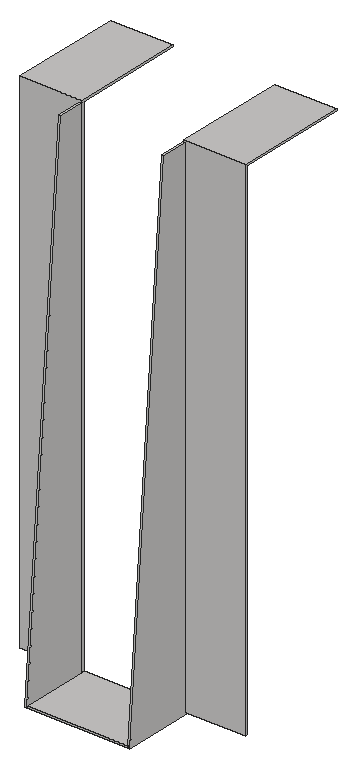
Revit family "050523 - Metal fastenings - Joist Hanger - Generic", category Generic Models, Revit 2020
Family settings
  Can host rebar = No
  Round Connector Dimension = Use Diameter
  Part Type = Normal
  Work Plane-Based = Yes
  Always vertical = Yes
  Cut with Voids When Loaded = No
  Shared = No
  Room Calculation Point = No
Parameters (values of type "DHU3.56/18TF")
  W = 0' - 3 9/16"
  Top of Side Flange = 0' - 1"
  Top Hanger Flange - Visibility = yes
  Top Hanger Flange - Mid - Visibility = no
  Outside Flange - Visibility = yes
  Material = SIMPSON HUC46 JOIST HANGER WITH CONCEALED FLANGES - PAINTED DARK GRAY
  Inside Flange - Visibility = no
  Top Hanger Depth = 0' - 3 15/16"
  Height of Face Plate = 1' - 5 15/16"
  H = 1' - 5 15/16"
  Flange - Outside - Width = 0' - 2 3/16"
  Flange - Inside - Width = 0' - 1"
  Face Plate - Mid - Visibility = no
  Default Elevation = 4' - 0"
  B = 0' - 2 1/2"
Types (5): name | W | Top of Side Flange | Top Hanger Flange - Visibility | Top Hanger Flange - Mid - Visibility | Outside Flange - Visibility | Material | Inside Flange - Visibility | Top Hanger Depth | Height of Face Plate | H | Flange - Outside - Width | Flange - Inside - Width | Face Plate - Mid - Visibility | B
  HUC46 | 0' - 5 9/16" | 0' - 2 1/2" | yes | yes | yes | SIMPSON HUCQ1.81/11-SDS W/ CONCEALED FLANGES - PAINTED DARK GRAY | no | 0' - 2 7/8" | 0' - 6 3/4" | 1' - 2" | 0' - 3 7/32" | 0' - 1 1/4" | yes | 0' - 6"
  DHU3.56/18TF | 0' - 3 9/16" | 0' - 1" | yes | no | yes | SIMPSON HUC46 JOIST HANGER WITH CONCEALED FLANGES - PAINTED DARK GRAY | no | 0' - 3 15/16" | 1' - 5 15/16" | 1' - 5 15/16" | 0' - 2 3/16" | 0' - 1" | no | 0' - 2 1/2"
  HUCQ1.81/11-SDS | 0' - 1 13/16" | 0' - 1" | no | no | no | SIMPSON HUCQ1.81/11-SDS W/ CONCEALED FLANGES - PAINTED DARK GRAY | yes | 0' - 7" | 0' - 11" | 0' - 11" | 0' - 1 3/4" | 0' - 1 1/4" | no | 0' - 3"
  HUCQ1.81/9-SDS | 0' - 1 13/16" | 0' - 1" | no | no | no | SIMPSON HUC46 JOIST HANGER WITH CONCEALED FLANGES - PAINTED DARK GRAY | yes | 0' - 7" | 0' - 9" | 0' - 9" | 0' - 1 3/4" | 0' - 1 1/4" | no | 0' - 3"
  HGTLV5.514 | 0' - 5 9/16" | 0' - 6" | yes | yes | yes | SIMPSON HUCQ1.81/11-SDS W/ CONCEALED FLANGES - PAINTED DARK GRAY | no | 0' - 2 7/8" | 0' - 6 3/4" | 1' - 2" | 0' - 3 7/32" | 0' - 1 1/4" | yes | 0' - 6"
Reference planes (in)
  plane 1 "Center (Front/Back)": y = 0
  plane 2: z = 0
  plane 3 "Center (Left/Right)": x = 0
  plane 4 "TOP BEARING": z = 17.9375
  plane 5: x = -1.78125
  plane 6: x = 1.78125
  plane 7: y = -2.5
  plane 8: x = -0.78125
  plane 9: x = 0.78125
  plane 10: y = 3.9375
  plane 11: x = 3.96875
  plane 12: x = -3.96875
  plane 13: y = -1
  plane 14: z = 0
Forms (in)
  Extrusion 1, solid, material "SIMPSON HUC46 JOIST HANGER WITH CONCEALED FLANGES - PAINTED DARK GRAY" <- "Material"
    sketch origin (1.78125, 6.55164, 48) x (0, 1, 0) y (0, 0, 1)
      loop
        line (-6.55164, -30.0625) -> (-7.55164, -30.0625) -> (-9.05164, -48.0625) -> (-6.55164, -48.0625) -> (-6.55164, -30.0625)
    from 0.0625 to 0
  Extrusion 2, solid, material "SIMPSON HUC46 JOIST HANGER WITH CONCEALED FLANGES - PAINTED DARK GRAY" <- "Material"
    sketch origin (-1.78125, 0, 0) x (0, 1, 0) y (-1, 0, 0)
      loop
        line (-2.5, 0) -> (-2.5, -3.5625) -> (0, -3.5625) -> (0, 0) -> (-2.5, 0)
    from 0 to -0.0625
  Extrusion 3, solid, material "SIMPSON HUC46 JOIST HANGER WITH CONCEALED FLANGES - PAINTED DARK GRAY" <- "Material", visible <- "Inside Flange - Visibility"
    sketch origin (0, 0, 0) x (1, 0, 0) y (0, 0, 1)
      loop
        line (-1.78125, 17.9375) -> (-1.78125, 0) -> (-0.78125, 0) -> (-0.78125, 17.9375) -> (-1.78125, 17.9375)
    from 0.0625 to 0
  Extrusion 4, solid, material "SIMPSON HUC46 JOIST HANGER WITH CONCEALED FLANGES - PAINTED DARK GRAY" <- "Material", visible <- "Inside Flange - Visibility"
    sketch origin (0, 0, 0) x (1, 0, 0) y (0, 0, 1)
      loop
        line (1.78125, 17.9375) -> (0.78125, 17.9375) -> (0.78125, 0) -> (1.78125, 0) -> (1.78125, 17.9375)
    from 0.0625 to 0
  Extrusion 5, solid, material "SIMPSON HUC46 JOIST HANGER WITH CONCEALED FLANGES - PAINTED DARK GRAY" <- "Material"
    sketch origin (-1.78125, 6.91604, 48) x (0, 1, 0) y (0, 0, 1)
      loop
        line (-6.91604, -30.0625) -> (-7.91604, -30.0625) -> (-9.41604, -48.0625) -> (-6.91604, -48.0625) -> (-6.91604, -30.0625)
    from -0.0625 to 0
  Extrusion 6, solid, material "SIMPSON HUC46 JOIST HANGER WITH CONCEALED FLANGES - PAINTED DARK GRAY" <- "Material", visible <- "Top Hanger Flange - Visibility"
    sketch origin (-5.8794, -180, 17.9375) x (-1, 0, 0) y (0, -1, 0)
      loop
        line (-4.09815, -179.9375) -> (-4.09815, -183.9375) -> (-1.91065, -183.9375) -> (-1.91065, -179.9375) -> (-4.09815, -179.9375)
    from 0 to 0.0625
  Extrusion 7, solid, material "SIMPSON HUC46 JOIST HANGER WITH CONCEALED FLANGES - PAINTED DARK GRAY" <- "Material", visible <- "Top Hanger Flange - Visibility"
    sketch origin (2, 0, 17.9375) x (-1, 0, 0) y (0, -1, 0)
      loop
        line (-1.96875, 0.0625) -> (-1.96875, -3.9375) -> (0.21875, -3.9375) -> (0.21875, 0.0625) -> (-1.96875, 0.0625)
    from 0 to 0.0625
  Extrusion 8, solid, material "SIMPSON HUC46 JOIST HANGER WITH CONCEALED FLANGES - PAINTED DARK GRAY" <- "Material", visible <- "Top Hanger Flange - Visibility"
    sketch origin (1.38969, 0, 0) x (1, 0, 0) y (0, 0, 1)
      loop
        line (2.57906, 17.9375) -> (0.39156, 17.9375) -> (0.39156, 0) -> (2.57906, 0) -> (2.57906, 17.9375)
    from 0.0625 to 0
  Extrusion 9, solid, material "SIMPSON HUC46 JOIST HANGER WITH CONCEALED FLANGES - PAINTED DARK GRAY" <- "Material", visible <- "Top Hanger Flange - Visibility"
    sketch origin (-3.53046, 0, 0) x (1, 0, 0) y (0, 0, 1)
      loop
        line (1.74921, 17.9375) -> (-0.43829, 17.9375) -> (-0.43829, 0) -> (1.74921, 0) -> (1.74921, 17.9375)
    from 0.0625 to 0
  Extrusion 10, solid, material "SIMPSON HUC46 JOIST HANGER WITH CONCEALED FLANGES - PAINTED DARK GRAY" <- "Material", visible <- "Top Hanger Flange - Mid - Visibility"
    sketch origin (-1.5, 0, 17.9375) x (-1, 0, 0) y (0, -1, 0)
      loop
        line (-3.28125, 0.0625) -> (-3.28125, -3.9375) -> (0.28125, -3.9375) -> (0.28125, 0.0625) -> (-3.28125, 0.0625)
    from 0 to 0.0625
  Extrusion 11, solid, material "SIMPSON HUC46 JOIST HANGER WITH CONCEALED FLANGES - PAINTED DARK GRAY" <- "Material", visible <- "Face Plate - Mid - Visibility"
    sketch origin (-2.04513, 0, 0) x (1, 0, 0) y (0, 0, 1)
      loop
        line (3.82638, 17.9375) -> (0.26388, 17.9375) -> (0.26388, 0) -> (3.82638, 0) -> (3.82638, 17.9375)
    from 0.0625 to 0
Cuts and joins
  joined: Extrusion 7, Extrusion 8
  joined: Extrusion 6, Extrusion 9
  joined: Extrusion 1, Extrusion 5
Dimensions and locks (in)
  "H": plane 4 "TOP BEARING" to level
  equal spacing: plane 5, plane 3 "Center (Left/Right)", plane 6
  "B": plane 7 to plane 1 "Center (Front/Back)"
  "W": plane 5 to plane 6
  "Flange - Inside - Width": plane 5 to plane 8
  "Flange - Inside - Width": plane 9 to plane 6
  "Top Hanger Depth": plane 1 "Center (Front/Back)" to plane 10
  "Flange - Outside - Width": plane 12 to plane 5
  "Flange - Outside - Width": plane 6 to plane 11
  "Top of Side Flange": plane 1 "Center (Front/Back)" to plane 13
  "Height of Face Plate": plane 4 "TOP BEARING" to plane 14
  plane 12 to plane 11 = 0' - 7 15/16"
  plane 5 to plane 6 = 0' - 3 9/16"
  aligned and locked: plane 2 to level
  aligned and locked: Extrusion 2 to plane 5
  aligned and locked: plane 6 to Extrusion 2
  aligned and locked: Extrusion 2 to plane 7
  aligned and locked: Extrusion 2 to plane 1 "Center (Front/Back)"
  aligned and locked: plane 8 to Extrusion 3
  aligned and locked: Extrusion 4 to plane 9
  aligned and locked: Extrusion 6 to plane 5
  aligned and locked: plane 10 to Extrusion 6
  aligned and locked: plane 6 to Extrusion 7
  aligned and locked: plane 11 to Extrusion 7
  aligned and locked: Extrusion 6 to plane 12
  aligned and locked: Extrusion 8 to plane 6
  aligned and locked: plane 11 to Extrusion 8
  aligned and locked: plane 5 to Extrusion 9
  aligned and locked: Extrusion 9 to plane 12
  aligned and locked: plane 6 to Extrusion 10
  aligned and locked: Extrusion 10 to plane 5
  aligned and locked: plane 14 to Extrusion 9 sketch curve
  aligned and locked: plane 14 to Extrusion 8 sketch curve
  aligned and locked: Extrusion 11 sketch curve to plane 5
  aligned and locked: Extrusion 11 sketch curve to plane 6
Automatic sketch dimensions
  Extrusion 2 sketch curve to plane 6 = 0' - 0"
  Extrusion 2 sketch curve to plane 7 = 0' - 0"
  plane 1 "Center (Front/Back)" to Extrusion 2 sketch curve = 0' - 0"
  Extrusion 2 sketch curve to plane 5 = 0' - 0"
  Extrusion 3 sketch curve to level = 0' - 0"
  Extrusion 3 sketch curve to plane 5 = 0' - 0"
  Extrusion 3 sketch curve to plane 8 = 0' - 0"
  Extrusion 3 sketch curve to plane 4 "TOP BEARING" = 0' - 0"
  Extrusion 4 sketch curve to plane 4 "TOP BEARING" = 0' - 0"
  Extrusion 4 sketch curve to plane 9 = 0' - 0"
  Extrusion 4 sketch curve to plane 6 = 0' - 0"
  Extrusion 4 sketch curve to level = 0' - 0"
  Extrusion 6 sketch curve to plane 5 = 0' - 0"
  Extrusion 6 sketch curve to plane 10 = 0' - 0"
  Extrusion 6 sketch curve to plane 12 = 0' - 0"
  plane 1 "Center (Front/Back)" to Extrusion 6 sketch curve = 0' - 0 1/16"
  Extrusion 7 sketch curve to plane 10 = 0' - 0"
  Extrusion 7 sketch curve to plane 11 = 0' - 0"
  Extrusion 7 sketch curve to plane 6 = 0' - 0"
  plane 1 "Center (Front/Back)" to Extrusion 7 sketch curve = 0' - 0 1/16"
  Extrusion 8 sketch curve to plane 4 "TOP BEARING" = 0' - 0"
  Extrusion 8 sketch curve to plane 6 = 0' - 0"
  Extrusion 8 sketch curve to plane 11 = 0' - 0"
  Extrusion 9 sketch curve to plane 4 "TOP BEARING" = 0' - 0"
  Extrusion 9 sketch curve to plane 5 = 0' - 0"
  Extrusion 10 sketch curve to plane 6 = 0' - 0"
  Extrusion 10 sketch curve to plane 5 = 0' - 0"
  Extrusion 10 sketch curve to plane 10 = 0' - 0"
  plane 1 "Center (Front/Back)" to Extrusion 10 sketch curve = 0' - 0 1/16"
  Extrusion 11 sketch curve to plane 4 "TOP BEARING" = 0' - 0"
  Extrusion 11 sketch curve to plane 14 = 0' - 0"
  Extrusion 9 sketch curve to plane 12 = 0' - 0"
  Extrusion 5 sketch curve to plane 4 "TOP BEARING" = 0' - 0"
  Extrusion 5 sketch curve to plane 13 = 0' - 0"
  Extrusion 5 sketch curve to plane 1 "Center (Front/Back)" = 0' - 0"
  Extrusion 5 sketch curve to level = 0' - 0 1/16"
  Extrusion 5 sketch curve to plane 7 = 0' - 0"
  Extrusion 1 sketch curve to plane 13 = 0' - 0"
  Extrusion 1 sketch curve to plane 1 "Center (Front/Back)" = 0' - 0"
  Extrusion 1 sketch curve to plane 4 "TOP BEARING" = 0' - 0"
  Extrusion 1 sketch curve to plane 7 = 0' - 0"
  Extrusion 1 sketch curve to level = 0' - 0 1/16"
